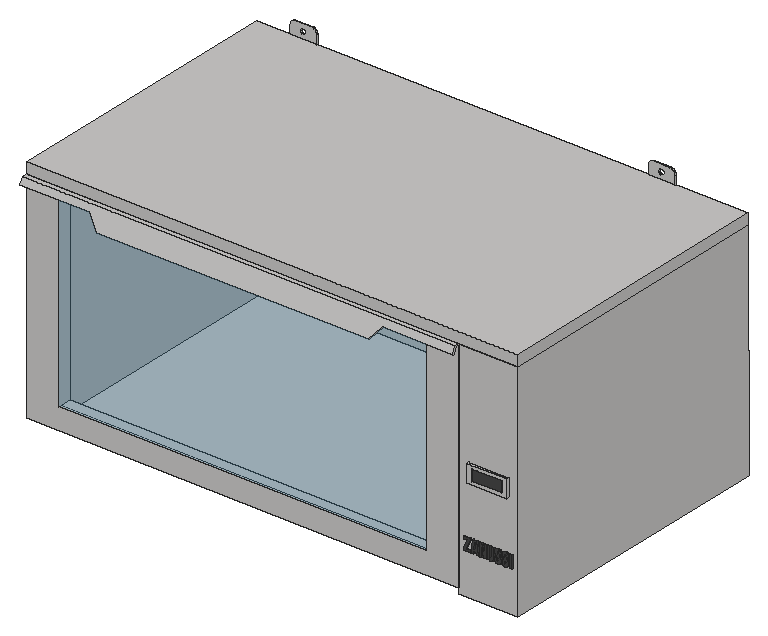
Revit family "QF_ZANUSSI_240041_ZSAFEBXDD", category Specialty Equipment, Revit 2018
Family settings
  Round Connector Dimension = Use Diameter
  Part Type = Normal
  Work Plane-Based = No
  Always vertical = Yes
  Cut with Voids When Loaded = No
  Shared = No
  Room Calculation Point = No
Parameters (values of type "Standard")
  Weight = 35.00 kg
  Watts = 0 W
  Volts = 220 V
  URL Manufacturer = "http://www.zanussiprofessional.com"
  URL = "http://www.zanussiprofessional.com"
  Steam Supply Size = 0 mm
  Steam Supply Minimum Pressure = 0.0 Pa
  Steam Supply Maximum Pressure = 0.0 Pa
  Steam Pounds per Hour = 0
  Refrigeration Suction Line Size = 0 mm
  Refrigeration Liquid Line Size = 0 mm
  Refrigerant Compressor Remote = yes
  Manufacturer = "Zanussi"
  Phase = 1
  Model = "ZSAFEBXDD"
  Length Actual = 920.0 mm  # constant formula
  Item Number = "240041"
  Hot Water Size = 0 mm
  Height Actual = 450.0 mm  # constant formula
  HP = "0.8 HP"
  Gas Size = 0 mm
  Gas KW = 0
  Gas Input Pressure = 0 W
  Direct Waste Size = 0 mm
  Description = "SAFE FOOD HOLDING DISPLAY WITH DROP-DOWN DOOR FOR FOOD PICK UP, TAKE AWAY AND DELIVERY"
  Depth Actual = 590.0 mm  # constant formula
  Cycle = 50 Hz
  Condensate Return Size = 0 mm
  Compressed Air Volume = 0.0 L/s
  Compressed Air Size = 0 mm
  Compressed Air Pressure = 0.0 Pa
  Cold Water Size = 0 mm
  Accessory = yes
Types (2, lengths in mm): name | URL | Manufacturer | Phase | Model | Description
  (no name) | 0.0 | 0.0 | 0 | 0.0 | 0.0
  Standard | "http://www.zanussiprofessional.com" | "Zanussi" | 1 | "ZSAFEBXDD" | "SAFE FOOD HOLDING DISPLAY WITH DROP-DOWN DOOR FOR FOOD PICK UP, TAKE AWAY AND DELIVERY"
Values of the unnamed type that differ from the named types
  Volts = 0 V
  URL Manufacturer = ""
  Item Number = ""
  Cycle = 0 Hz
Reference planes
  plane 1 "Center (Front/Back)": y = 0
  plane 2: z = 0
  plane 3 "Center (Left/Right)": x = 0
  plane 4 "LEFT": x = -460
  plane 5 "RIGHT": x = 460
  plane 6 "BACK": y = 270
  plane 7 "FRONT": y = -270
  plane 8 "Base": z = 11
  plane 9 "TOP": z = 451
  plane 10: x = -430
  plane 11: y = 250
  plane 12: y = -220
  plane 13: x = 360
  plane 14 "MANIGLIA": through (4267.2, -280, 431) normal (0, 0.9272, -0.3746)
  plane 15: y = -655
Forms (mm)
  Extrusion 1, solid, material "QF_Finishes_Stainless Steel"
    sketch origin (0, 0, 11) x (0, 1, 0) y (-1, 0, 0)
      loop
        line (270, 460) -> (-245, 460) -> (-245, 425) -> (250, 425) -> (250, -350) -> (-270, -350) -> (-270, -460) -> (270, -460) -> (270, 460)
    from 0 to 420
  Extrusion 2, solid, material "QF_Finishes_Stainless Steel"
    sketch origin (0, 0, 451) x (0, 1, 0) y (-1, 0, 0)
      loop
        line (270, 460) -> (-270, 460) -> (-270, -460) -> (270, -460) -> (270, 460)
    from 0 to -20
  Extrusion 3, void
    sketch origin (0, -270, 0) x (-1, 0, 0) y (0, 0, 1)
      loop
        line (140.985, 386.837) -> (-115, 386.837) -> (-115, 166) -> (140.985, 166) -> (140.985, 386.837)
    from 520 to 540
  Extrusion 4, solid, material "QF_Finishes_Stainless Steel"
    sketch origin (460, 0, 0) x (0, 1, 0) y (0, 0, 1)
      loop
        line (250, 386.837) -> (250, 166) -> (320, 166) -> (320, 386.837) -> (250, 386.837)
    from -600.985 to -345
  Extrusion 5, solid, material "QF_Finishes_Stainless Steel"
    sketch origin (0, 270, 0) x (-1, 0, 0) y (0, 0, 1)
      loop
        line (260.985, 386.837) -> (-235, 386.837) -> (-235, 76) -> (260.985, 76) -> (260.985, 386.837)
    from 0 to -60
  Extrusion 6, solid, material "QF_Finishes_Stainless Steel"
    sketch origin (0, 0, 451) x (0, 1, 0) y (-1, 0, 0)
      loop
        line (270, 425) -> (-245, 425) -> (-245, -350) -> (270, -350) -> (270, 425)
    from -430 to -440
  Extrusion 7, solid, material "QF_Finishes_Stainless Steel"
    sketch origin (0, -270, 0) x (-1, 0, 0) y (0, 0, 1)
      loop
        line (-368.864, 238.032) -> (-443.864, 238.032) -> (-443.864, 206) -> (-368.864, 206) -> (-368.864, 238.032)
      loop
        line (-378.864, 233.032) -> (-433.864, 233.032) -> (-433.864, 211) -> (-378.864, 211) -> (-378.864, 233.032)
    from 0 to -5
  Extrusion 8, solid, material "QF_Finishes_Black"
    sketch origin (0, -270, 0) x (-1, 0, 0) y (0, 0, 1)
      loop
        line (-378.864, 233.032) -> (-433.864, 233.032) -> (-433.864, 211) -> (-378.864, 211) -> (-378.864, 233.032)
    from 0 to -5
  Extrusion 9, solid, material "QF_Finishes_Stainless Steel"
    sketch origin (0, 270, 0) x (-1, 0, 0) y (0, 0, 1)
      loop
        circle (-420, 40) r 10
    from 0 to 2
  Extrusion 10, solid, material "QF_Finishes_Rubber Black"
    sketch origin (0, 0, 0) x (1, 0, 0) y (0, 1, 0)
      loop
        circle (-430, 250) r 15
      loop
        circle (360, 250) r 15
      loop
        circle (-430, -220) r 15
      loop
        circle (360, -220) r 15
    from 0 to 7
  Extrusion 11, solid, material "QF_Finishes_Stainless Steel"
    sketch origin (0, 0, 0) x (1, 0, 0) y (0, 1, 0)
      loop
        circle (-430, 250) r 12.5
      loop
        circle (360, 250) r 12.5
      loop
        circle (-430, -220) r 12.5
      loop
        circle (360, -220) r 12.5
    from 11 to 7
  Extrusion 12, solid, material "QF_Finishes_Black"
    sketch origin (0, -270, 0) x (-1, 0, 0) y (0, 0, 1)
      loop
        line (-372.774, 88.089) -> (-360, 88.089) -> (-360, 93.002) -> (-367.019, 107.741) -> (-360.562, 107.601) -> (-360.562, 112.093) -> (-372.774, 112.093) -> (-372.774, 108.022) -> (-365.406, 93.002) -> (-372.774, 93.002) -> (-372.774, 88.089)
      loop
        line (-379.825, 97.073) -> (-381.229, 107.99) -> (-382.632, 97.073) -> (-379.825, 97.073)
      loop
        line (-378.562, 88.089) -> (-373.508, 88.089) -> (-377.86, 112.093) -> (-384.598, 112.093) -> (-389.089, 88.089) -> (-384.036, 88.089) -> (-383.334, 92.721) -> (-379.263, 92.721) -> (-378.562, 88.089)
      loop
        line (-389.712, 112.093) -> (-394.905, 112.093) -> (-398.976, 96.792) -> (-398.976, 112.093) -> (-403.468, 112.093) -> (-403.468, 88.415) -> (-398.051, 88.415) -> (-394.063, 103.951) -> (-394.063, 88.089) -> (-389.712, 88.089) -> (-389.712, 112.093)
      loop
        line (-404.591, 94.026) -> (-404.591, 112.093) -> (-409.504, 112.093) -> (-409.504, 93.845)
        arc (-409.504, 93.845) -> (-411.161, 92.777) -> (-412.452, 94.266) r 1.504
        line (-412.452, 94.266) -> (-412.452, 112.093) -> (-417.365, 112.093) -> (-417.365, 93.143)
        arc (-417.365, 93.143) -> (-410.596, 88.05) -> (-404.591, 94.026) r 6.468
      loop
        line (-426.489, 104.513) -> (-426.489, 107.123)
        arc (-426.489, 107.123) -> (-424.511, 108.509) -> (-423.125, 106.531) r 1.708
        arc (-423.125, 106.531) -> (-423.515, 105.428) -> (-424.243, 104.513) r 3.541
        line (-424.243, 104.513) -> (-429.628, 99.667)
        arc (-429.628, 99.667) -> (-431.357, 96.026) -> (-431.259, 91.996) r 8.7
        arc (-431.259, 91.996) -> (-425.868, 88.095) -> (-419.469, 89.917) r 7.618
        arc (-419.469, 89.917) -> (-418.114, 93.076) -> (-418.067, 96.512) r 8.837
        line (-418.067, 96.512) -> (-422.968, 96.512)
        arc (-422.968, 96.512) -> (-422.989, 95.91) -> (-422.968, 95.308) r 8.711
        arc (-422.968, 95.308) -> (-422.946, 94.671) -> (-422.968, 94.034) r 9.221
        arc (-422.968, 94.034) -> (-423.253, 93.13) -> (-423.92, 92.455) r 2.021
        arc (-423.92, 92.455) -> (-426.133, 92.96) -> (-426.368, 95.218) r 1.95
        arc (-426.368, 95.218) -> (-425.418, 96.51) -> (-424.195, 97.548) r 6.904
        line (-424.195, 97.548) -> (-422.126, 99.383)
        arc (-422.126, 99.383) -> (-420.282, 101.31) -> (-418.78, 103.514) r 16.193
        arc (-418.78, 103.514) -> (-418.554, 107.5) -> (-420.382, 111.05) r 7.59
        arc (-420.382, 111.05) -> (-424.866, 112.512) -> (-429.349, 111.05) r 7.606
        arc (-429.349, 111.05) -> (-430.875, 109.128) -> (-431.198, 106.695) r 4.609
        line (-431.198, 106.695) -> (-431.122, 104.513) -> (-426.489, 104.513)
      loop
        line (-440.489, 104.513) -> (-440.489, 107.123)
        arc (-440.489, 107.123) -> (-438.511, 108.509) -> (-437.125, 106.531) r 1.708
        arc (-437.125, 106.531) -> (-437.515, 105.428) -> (-438.243, 104.513) r 3.541
        line (-438.243, 104.513) -> (-443.628, 99.667)
        arc (-443.628, 99.667) -> (-445.357, 96.026) -> (-445.259, 91.996) r 8.7
        arc (-445.259, 91.996) -> (-439.868, 88.095) -> (-433.469, 89.917) r 7.618
        arc (-433.469, 89.917) -> (-432.114, 93.076) -> (-432.067, 96.512) r 8.837
        line (-432.067, 96.512) -> (-436.968, 96.512)
        arc (-436.968, 96.512) -> (-436.989, 95.91) -> (-436.968, 95.308) r 8.711
        arc (-436.968, 95.308) -> (-436.946, 94.671) -> (-436.968, 94.034) r 9.221
        arc (-436.968, 94.034) -> (-437.253, 93.13) -> (-437.92, 92.455) r 2.021
        arc (-437.92, 92.455) -> (-440.133, 92.96) -> (-440.368, 95.218) r 1.95
        arc (-440.368, 95.218) -> (-439.418, 96.51) -> (-438.195, 97.548) r 6.904
        line (-438.195, 97.548) -> (-436.126, 99.383)
        arc (-436.126, 99.383) -> (-434.282, 101.31) -> (-432.78, 103.514) r 16.193
        arc (-432.78, 103.514) -> (-432.554, 107.5) -> (-434.382, 111.05) r 7.59
        arc (-434.382, 111.05) -> (-438.866, 112.512) -> (-443.349, 111.05) r 7.606
        arc (-443.349, 111.05) -> (-444.875, 109.128) -> (-445.198, 106.695) r 4.609
        line (-445.198, 106.695) -> (-445.122, 104.513) -> (-440.489, 104.513)
      loop
        line (-446.142, 112.093) -> (-451.055, 112.093) -> (-451.055, 88.089) -> (-446.142, 88.089) -> (-446.142, 112.093)
    from 0 to -1.6
  Extrusion 13, solid, material "QF_Finishes_Stainless Steel"
    sketch origin (0, 270, 0) x (-1, 0, 0) y (0, 0, 1)
      loop
        line (398.117, 431) -> (398.117, 466)
        arc (398.117, 466) -> (395.188, 473.071) -> (388.117, 476) r 10
        line (388.117, 476) -> (358.117, 476)
        arc (358.117, 476) -> (351.046, 473.071) -> (348.117, 466) r 10
        line (348.117, 466) -> (348.117, 431) -> (398.117, 431)
      loop
        circle (373.117, 463.03) r 5
      loop
        line (-323.117, 431) -> (-273.117, 431) -> (-273.117, 466)
        arc (-273.117, 466) -> (-276.046, 473.071) -> (-283.117, 476) r 10
        line (-283.117, 476) -> (-313.117, 476)
        arc (-313.117, 476) -> (-320.188, 473.071) -> (-323.117, 466) r 10
        line (-323.117, 466) -> (-323.117, 431)
      loop
        circle (-298.117, 463.03) r 5
    from 1.641 to 0
  Extrusion 14, solid, material "QF_Finishes_Stainless Steel"
    sketch origin (0, -270, 0) x (-1, 0, 0) y (0, 0, 1)
      loop
        line (460, 431) -> (-350, 431) -> (-350, 21) -> (460, 21) -> (460, 431)
      loop
        line (400, 61) -> (400, 411) -> (-290, 411) -> (-290, 61) -> (400, 61)
    from 25 to 0
  Extrusion 15, solid, material "Glass"
    sketch origin (0, -270, 0) x (-1, 0, 0) y (0, 0, 1)
      loop
        line (400, 411) -> (-290, 411) -> (-290, 61) -> (400, 61) -> (400, 411)
    from 5 to 0
  Extrusion 16, solid, material "QF_Finishes_Stainless Steel"
    sketch origin (0, 0, 0) x (0, 1, 0) y (0, 0, 1)
      loop
        line (-270, 431) -> (-280, 431) -> (-294.122, 396.047) -> (-291.382, 394.94) -> (-278.042, 427.958) -> (-270, 427.958) -> (-270, 431)
    from 350 to -460
  Extrusion 17, void
    sketch origin (0, -390.406, 157.734) x (0, 0.374607, 0.927184) y (1, 0, 0)
      loop
        line (257.028, -460) -> (281.726, -460) -> (281.726, -329.655) -> (257.028, -310) -> (257.028, -460)
      loop
        line (257.028, 350) -> (257.028, 200) -> (281.726, 219.655) -> (281.726, 350) -> (257.028, 350)
    from 2.955 to 0
  Extrusion 18, solid, material "QF_Door-Drawer Clearances", detail levels coarse
    sketch origin (0, 0, 0) x (0, 1, 0) y (0, 0, 1)
      loop
        line (-270, 60.122) -> (-655, 60.122) -> (-655, 25.122) -> (-620.047, 11) -> (-618.94, 13.74) -> (-651.958, 27.08) -> (-651.958, 35.122) -> (-270, 35.122) -> (-270, 60.122)
    from 350 to -460
  Extrusion 19, solid, material "QF_Door-Drawer Clearances", detail levels coarse
    sketch origin (0, 0, 0) x (0, 1, 0) y (0, 0, 1)
      loop
        arc (-270, 431) -> (-534.358, 320.156) -> (-655, 60.122) r 396.675
        line (-655, 60.122) -> (-270, 60.122) -> (-270, 431)
    from -460 to 350
Cuts and joins
  Extrusion 3 cuts Extrusion 1
  Extrusion 17 cuts Extrusion 16
Lines and regions (mm)
  symbolic lines
    curve 1: line (-460, 270, 0) -> (460, 270, 0)
    curve 2: line (-460, -270, 0) -> (-460, 270, 0)
    curve 3: line (460, -270, 0) -> (-460, -270, 0)
    curve 4: line (460, 270, 0) -> (460, -270, 0)
    curve 5: line (115, 320, 0) -> (-140.985, 320, 0)
    curve 6: line (-140.985, 320, 0) -> (-140.985, 270, 0)
    curve 7: line (115, 270, 0) -> (115, 320, 0)
    curve 8: line (368.864, -275, 0) -> (368.864, -270, 0)
    curve 9: line (368.864, -275, 0) -> (443.864, -275, 0)
    curve 10: line (443.864, -275, 0) -> (443.864, -270, 0)
    curve 11: line (-398.117, 270, 0) -> (-398.117, 271.641, 0)
    curve 12: line (-398.117, 271.641, 0) -> (-348.117, 271.641, 0)
    curve 13: line (-348.117, 271.641, 0) -> (-348.117, 270, 0)
    curve 14: line (273.117, 270, 0) -> (273.117, 271.641, 0)
    curve 15: line (273.117, 271.641, 0) -> (323.117, 271.641, 0)
    curve 16: line (323.117, 271.641, 0) -> (323.117, 270, 0)
    curve 17: line (410, 272, 0) -> (430, 272, 0)
    curve 18: line (430, 272, 0) -> (430, 270, 0)
    curve 19: line (410, 272, 0) -> (410, 270, 0)
    curve 20: line (350, -280, 0) -> (-460, -280, 0)
    curve 21: line (-460, -284.87, 0) -> (-329.655, -284.87, 0)
    curve 22: line (-329.655, -284.87, 0) -> (-310, -294.122, 0)
    curve 23: line (-310, -294.122, 0) -> (200, -294.122, 0)
    curve 24: line (-460, -270, 0) -> (-460, -284.87, 0)
    curve 25: line (350, -284.87, 0) -> (350, -270, 0)
    curve 26: line (219.655, -284.87, 0) -> (350, -284.87, 0)
    curve 27: line (200, -294.122, 0) -> (219.655, -284.87, 0)
  symbolic lines, style "SpecialityEquipmentHiddenLines"
    curve 28: line (-460, -284.87, 0) -> (-460, -655, 0)
    curve 29: line (-460, -655, 0) -> (350, -655, 0)
    curve 30: line (350, -655, 0) -> (350, -284.87, 0)
Dimensions and locks
  plane 4 "LEFT" to plane 5 "RIGHT" = 920.0 mm
  equal spacing: plane 4 "LEFT", plane 3 "Center (Left/Right)", plane 5 "RIGHT"
  equal spacing: plane 6 "BACK", plane 1 "Center (Front/Back)", plane 7 "FRONT"
  plane 6 "BACK" to plane 7 "FRONT" = 540.0 mm  (x2)
  plane 8 "Base" to level = 11.0 mm
  plane 9 "TOP" to level = 451.0 mm
  plane 9 "TOP" to cut or joined group of Extrusion 1, Extrusion 3 = 64.163 mm
  level to cut or joined group of Extrusion 1, Extrusion 3 = 166.0 mm
  plane 4 "LEFT" to plane 10 = 30.0 mm
  plane 13 to plane 5 "RIGHT" = 100.0 mm
  plane 6 "BACK" to plane 11 = 20.0 mm
  plane 12 to plane 7 "FRONT" = 50.0 mm
  Extrusion 4 to Extrusion 2 = 590.0 mm
  Extrusion 4 to plane 15 = 975.0 mm
  aligned and locked: level to plane 2
Automatic sketch dimensions
  Extrusion 2 sketch curve to plane 4 "LEFT" = 0.0 mm
  Extrusion 2 sketch curve to plane 7 "FRONT" = 0.0 mm
  Extrusion 2 sketch curve to plane 6 "BACK" = 0.0 mm
  Extrusion 2 sketch curve to plane 5 "RIGHT" = 0.0 mm
  plane 3 "Center (Left/Right)" to Extrusion 3 sketch curve = 115.0 mm
  Extrusion 3 sketch curve to plane 3 "Center (Left/Right)" = 140.985 mm
  plane 8 "Base" to Extrusion 3 sketch curve = 155.0 mm
  Extrusion 3 sketch curve to plane 9 "TOP" = 64.163 mm
  Extrusion 4 sketch curve to plane 11 = 0.0 mm
  plane 6 "BACK" to Extrusion 4 sketch curve = 50.0 mm
  plane 8 "Base" to Extrusion 4 sketch curve = 155.0 mm
  Extrusion 4 sketch curve to plane 9 "TOP" = 64.163 mm
  Extrusion 5 sketch curve to plane 13 = 125.0 mm
  Extrusion 5 sketch curve to plane 9 "TOP" = 64.163 mm
  plane 10 to Extrusion 5 sketch curve = 169.015 mm
  plane 8 "Base" to Extrusion 5 sketch curve = 65.0 mm
  plane 7 "FRONT" to Extrusion 6 sketch curve = 25.0 mm
  Extrusion 6 sketch curve to plane 6 "BACK" = 0.0 mm
  Extrusion 6 sketch curve to plane 13 = 10.0 mm
  plane 10 to Extrusion 6 sketch curve = 5.0 mm
  Extrusion 7 sketch curve to plane 5 "RIGHT" = 16.136 mm
  Extrusion 7 sketch curve to Extrusion 7 sketch curve = 10.0 mm
  plane 13 to Extrusion 7 sketch curve = 18.864 mm
  plane 13 to Extrusion 7 sketch curve = 8.864 mm
  plane 8 "Base" to Extrusion 7 sketch curve = 195.0 mm
  Extrusion 7 sketch curve to Extrusion 7 sketch curve = 5.0 mm  (x2)
  Extrusion 7 sketch curve to Extrusion 7 sketch curve = 22.032 mm
  Extrusion 8 sketch curve to plane 5 "RIGHT" = 26.136 mm
  plane 13 to Extrusion 8 sketch curve = 18.864 mm
  plane 8 "Base" to Extrusion 8 sketch curve = 200.0 mm
  Extrusion 8 sketch curve to Extrusion 8 sketch curve = 22.032 mm
  Extrusion 9 sketch curve to plane 5 "RIGHT" = 40.0 mm
  plane 8 "Base" to Extrusion 9 sketch curve = 29.0 mm
  Extrusion 10 sketch curve to plane 10 = 0.0 mm  (x2)
  Extrusion 10 sketch curve to plane 12 = 0.0 mm  (x2)
  Extrusion 10 sketch curve to plane 13 = 0.0 mm  (x2)
  Extrusion 10 sketch curve to plane 11 = 0.0 mm  (x2)
  Extrusion 11 sketch curve to plane 10 = 0.0 mm  (x2)
  Extrusion 11 sketch curve to plane 12 = 0.0 mm  (x2)
  Extrusion 11 sketch curve to plane 13 = 0.0 mm  (x2)
  Extrusion 11 sketch curve to plane 11 = 0.0 mm  (x2)
  plane 9 "TOP" to Extrusion 13 sketch curve = 15.0 mm  (x2)
  Extrusion 13 sketch curve to plane 13 = 36.883 mm
  Extrusion 13 sketch curve to Extrusion 13 sketch curve = 10.0 mm  (x3)
  Extrusion 13 sketch curve to Extrusion 13 sketch curve = 15.0 mm  (x4)
  Extrusion 13 sketch curve to plane 9 "TOP" = 20.0 mm  (x2)
  plane 10 to Extrusion 13 sketch curve = 81.883 mm
  plane 10 to Extrusion 13 sketch curve = 31.883 mm
  plane 9 "TOP" to Extrusion 13 sketch curve = 12.03 mm  (x2)
  Extrusion 1 sketch curve to plane 4 "LEFT" = 0.0 mm
  plane 7 "FRONT" to Extrusion 1 sketch curve = 25.0 mm
  Extrusion 1 sketch curve to plane 5 "RIGHT" = 0.0 mm
  plane 7 "FRONT" to Extrusion 1 sketch curve = 0.0 mm
  Extrusion 1 sketch curve to plane 11 = 0.0 mm
  Extrusion 1 sketch curve to plane 6 "BACK" = 0.0 mm
  Extrusion 1 sketch curve to plane 13 = 10.0 mm
  plane 10 to Extrusion 1 sketch curve = 5.0 mm
  Extrusion 14 sketch curve to plane 13 = 10.0 mm
  plane 8 "Base" to Extrusion 14 sketch curve = 10.0 mm
  Extrusion 14 sketch curve to plane 9 "TOP" = 20.0 mm
  plane 4 "LEFT" to Extrusion 14 sketch curve = 60.0 mm
  Extrusion 14 sketch curve to Extrusion 14 sketch curve = 60.0 mm
  Extrusion 14 sketch curve to Extrusion 14 sketch curve = 40.0 mm
  Extrusion 14 sketch curve to Extrusion 14 sketch curve = 20.0 mm
  Extrusion 14 sketch curve to plane 4 "LEFT" = 0.0 mm
  Extrusion 15 sketch curve to plane 13 = 70.0 mm
  plane 10 to Extrusion 15 sketch curve = 30.0 mm
  plane 8 "Base" to Extrusion 15 sketch curve = 50.0 mm
  Extrusion 15 sketch curve to plane 9 "TOP" = 40.0 mm
  Extrusion 16 sketch curve to plane 7 "FRONT" = 0.0 mm
  Extrusion 16 sketch curve to plane 7 "FRONT" = 10.0 mm
  Extrusion 16 sketch curve to plane 7 "FRONT" = 21.382 mm
  Extrusion 16 sketch curve to Extrusion 16 sketch curve = 2.74 mm
  Extrusion 16 sketch curve to plane 9 "TOP" = 56.06 mm
  Extrusion 16 sketch curve to Extrusion 16 sketch curve = 1.107 mm
  Extrusion 16 sketch curve to Extrusion 16 sketch curve = 1.958 mm
  Extrusion 17 sketch curve to Extrusion 17 sketch curve = 0.0 mm
  plane 10 to Extrusion 17 sketch curve = 100.345 mm
  Extrusion 17 sketch curve to plane 4 "LEFT" = 0.0 mm
  Extrusion 17 sketch curve to Extrusion 17 sketch curve = 24.698 mm  (x2)
  Extrusion 17 sketch curve to plane 13 = 140.345 mm
  Extrusion 17 sketch curve to Extrusion 17 sketch curve = 19.655 mm  (x2)
  Extrusion 17 sketch curve to plane 13 = 10.0 mm
  Extrusion 18 sketch curve to plane 15 = 0.0 mm
  plane 15 to Extrusion 18 sketch curve = 3.042 mm
  plane 15 to Extrusion 18 sketch curve = 34.953 mm
  level to Extrusion 18 sketch curve = 13.74 mm
  Extrusion 18 sketch curve to Extrusion 18 sketch curve = 1.107 mm
  plane 8 "Base" to Extrusion 18 sketch curve = 49.122 mm
  plane 7 "FRONT" to Extrusion 18 sketch curve = 0.0 mm
  Extrusion 18 sketch curve to Extrusion 18 sketch curve = 2.74 mm
  level to Extrusion 18 sketch curve = 35.122 mm
  Extrusion 19 sketch curve to plane 15 = 0.0 mm
  plane 7 "FRONT" to Extrusion 19 sketch curve = 10.845 mm
  plane 8 "Base" to Extrusion 19 sketch curve = 23.474 mm
  Extrusion 19 sketch curve to Extrusion 19 sketch curve = 25.648 mm
  plane 7 "FRONT" to Extrusion 19 sketch curve = 0.0 mm
  curve 1 to plane 4 "LEFT" = 0.0 mm
  curve 11 to plane 6 "BACK" = 0.0 mm
  curve 30 to plane 15 = 0.0 mm
  curve 25 to plane 7 "FRONT" = 0.0 mm
  curve 4 to plane 5 "RIGHT" = 0.0 mm
  plane 6 "BACK" to curve 12 = 1.641 mm
  plane 10 to curve 12 = 31.883 mm
  curve 11 to curve 13 = 50.0 mm
  curve 22 to plane 7 "FRONT" = 14.87 mm
  plane 10 to curve 22 = 100.345 mm
  curve 22 to plane 7 "FRONT" = 24.122 mm
  curve 21 to curve 22 = 19.655 mm
  plane 6 "BACK" to curve 5 = 50.0 mm
  curve 5 to plane 3 "Center (Left/Right)" = 140.985 mm
  plane 3 "Center (Left/Right)" to curve 7 = 115.0 mm
  curve 27 to plane 13 = 160.0 mm
  curve 23 to curve 26 = 19.655 mm
  plane 6 "BACK" to curve 14 = 1.641 mm
  curve 14 to plane 13 = 86.883 mm
  curve 16 to plane 13 = 36.883 mm
  plane 13 to curve 9 = 8.864 mm
  plane 6 "BACK" to curve 17 = 2.0 mm
  curve 17 to plane 5 "RIGHT" = 50.0 mm
  curve 17 to curve 18 = 20.0 mm
  curve 10 to plane 7 "FRONT" = 5.0 mm
  curve 10 to plane 5 "RIGHT" = 16.136 mm
  curve 26 to plane 7 "FRONT" = 14.87 mm
  curve 30 to plane 13 = 10.0 mm
  curve 21 to curve 20 = 4.87 mm
  Extrusion 12 sketch curve to plane 13 = 0.0 mm
  plane 13 to Extrusion 12 sketch curve = 0.562 mm
  Extrusion 12 sketch curve to Extrusion 12 sketch curve = 5.406 mm
  Extrusion 12 sketch curve to Extrusion 12 sketch curve = 6.457 mm
  Extrusion 12 sketch curve to Extrusion 12 sketch curve = 5.755 mm
  Extrusion 12 sketch curve to Extrusion 12 sketch curve = 7.368 mm
  Extrusion 12 sketch curve to Extrusion 12 sketch curve = 0.734 mm
  Extrusion 12 sketch curve to Extrusion 12 sketch curve = 5.086 mm
  Extrusion 12 sketch curve to Extrusion 12 sketch curve = 5.054 mm
  Extrusion 12 sketch curve to Extrusion 12 sketch curve = 0.702 mm  (x4)
  Extrusion 12 sketch curve to Extrusion 12 sketch curve = 0.561 mm
  Extrusion 12 sketch curve to Extrusion 12 sketch curve = 3.369 mm  (x3)
  Extrusion 12 sketch curve to Extrusion 12 sketch curve = 2.807 mm
  Extrusion 12 sketch curve to Extrusion 12 sketch curve = 4.071 mm  (x2)
  Extrusion 12 sketch curve to Extrusion 12 sketch curve = 5.053 mm
  Extrusion 12 sketch curve to Extrusion 12 sketch curve = 5.114 mm
  Extrusion 12 sketch curve to Extrusion 12 sketch curve = 4.352 mm  (x2)
  Extrusion 12 sketch curve to Extrusion 12 sketch curve = 5.194 mm
  Extrusion 12 sketch curve to Extrusion 12 sketch curve = 3.987 mm
  Extrusion 12 sketch curve to Extrusion 12 sketch curve = 4.492 mm  (x2)
  Extrusion 12 sketch curve to Extrusion 12 sketch curve = 1.123 mm
  Extrusion 12 sketch curve to Extrusion 12 sketch curve = 4.913 mm  (x5)
  Extrusion 12 sketch curve to Extrusion 12 sketch curve = 1.444 mm
  Extrusion 12 sketch curve to Extrusion 12 sketch curve = 0.094 mm
  Extrusion 12 sketch curve to Extrusion 12 sketch curve = 1.41 mm
  Extrusion 12 sketch curve to Extrusion 12 sketch curve = 1.825 mm
  Extrusion 12 sketch curve to Extrusion 12 sketch curve = 3.004 mm
  Extrusion 12 sketch curve to Extrusion 12 sketch curve = 4.058 mm  (x2)
  Extrusion 12 sketch curve to Extrusion 12 sketch curve = 2.478 mm  (x2)
  Extrusion 12 sketch curve to Extrusion 12 sketch curve = 0.121 mm  (x3)
  Extrusion 12 sketch curve to Extrusion 12 sketch curve = 1.228 mm  (x2)
  Extrusion 12 sketch curve to Extrusion 12 sketch curve = 2.118 mm  (x2)
  Extrusion 12 sketch curve to Extrusion 12 sketch curve = 1.578 mm  (x2)
  Extrusion 12 sketch curve to Extrusion 12 sketch curve = 0.128 mm  (x2)
  Extrusion 12 sketch curve to Extrusion 12 sketch curve = 0.564 mm  (x2)
  Extrusion 12 sketch curve to Extrusion 12 sketch curve = 0.622 mm  (x2)
  Extrusion 12 sketch curve to Extrusion 12 sketch curve = 0.31 mm  (x2)
  Extrusion 12 sketch curve to Extrusion 12 sketch curve = 1.171 mm  (x2)
  Extrusion 12 sketch curve to Extrusion 12 sketch curve = 0.512 mm  (x2)
  Extrusion 12 sketch curve to Extrusion 12 sketch curve = 0.123 mm  (x2)
  Extrusion 12 sketch curve to Extrusion 12 sketch curve = 0.02 mm  (x2)
  Extrusion 12 sketch curve to Extrusion 12 sketch curve = 1.774 mm  (x2)
  Extrusion 12 sketch curve to Extrusion 12 sketch curve = 1.52 mm
  Extrusion 12 sketch curve to Extrusion 12 sketch curve = 1.351 mm
  Extrusion 12 sketch curve to Extrusion 12 sketch curve = 4.632 mm  (x3)
  Extrusion 12 sketch curve to Extrusion 12 sketch curve = 0.076 mm  (x2)
  Extrusion 12 sketch curve to Extrusion 12 sketch curve = 3.79 mm
  Extrusion 12 sketch curve to Extrusion 12 sketch curve = 0.099 mm
  Extrusion 12 sketch curve to Extrusion 12 sketch curve = 1.668 mm
  Extrusion 12 sketch curve to Extrusion 12 sketch curve = 2.203 mm
  Extrusion 12 sketch curve to Extrusion 12 sketch curve = 2.87 mm
  Extrusion 12 sketch curve to Extrusion 12 sketch curve = 5.384 mm
  Extrusion 12 sketch curve to Extrusion 12 sketch curve = 5.408 mm
  Extrusion 12 sketch curve to Extrusion 12 sketch curve = 0.724 mm
  plane 8 "Base" to Extrusion 12 sketch curve = 77.089 mm
  Extrusion 12 sketch curve to Extrusion 12 sketch curve = 0.0 mm  (x14)
  Extrusion 12 sketch curve to Extrusion 12 sketch curve = 0.325 mm
  Extrusion 12 sketch curve to Extrusion 12 sketch curve = 3.713 mm
  Extrusion 12 sketch curve to Extrusion 12 sketch curve = 1.341 mm
  Extrusion 12 sketch curve to Extrusion 12 sketch curve = 0.181 mm
  Extrusion 12 sketch curve to Extrusion 12 sketch curve = 2.372 mm  (x2)
  Extrusion 12 sketch curve to Extrusion 12 sketch curve = 0.043 mm  (x2)
  Extrusion 12 sketch curve to Extrusion 12 sketch curve = 0.08 mm  (x2)
  Extrusion 12 sketch curve to Extrusion 12 sketch curve = 6.582 mm
  Extrusion 12 sketch curve to Extrusion 12 sketch curve = 2.869 mm
  Extrusion 12 sketch curve to Extrusion 12 sketch curve = 0.739 mm  (x2)
  Extrusion 12 sketch curve to Extrusion 12 sketch curve = 1.344 mm  (x2)
  Extrusion 12 sketch curve to Extrusion 12 sketch curve = 1.644 mm
  Extrusion 12 sketch curve to Extrusion 12 sketch curve = 0.997 mm
  Extrusion 12 sketch curve to Extrusion 12 sketch curve = 0.915 mm
  Extrusion 12 sketch curve to Extrusion 12 sketch curve = 2.767 mm
  Extrusion 12 sketch curve to Extrusion 12 sketch curve = 1.036 mm  (x2)
  Extrusion 12 sketch curve to Extrusion 12 sketch curve = 1.835 mm  (x2)
  Extrusion 12 sketch curve to Extrusion 12 sketch curve = 3.155 mm
  Extrusion 12 sketch curve to Extrusion 12 sketch curve = 4.449 mm
  Extrusion 12 sketch curve to Extrusion 12 sketch curve = 7.159 mm
  Extrusion 12 sketch curve to Extrusion 12 sketch curve = 4.846 mm  (x2)
  Extrusion 12 sketch curve to Extrusion 12 sketch curve = 0.393 mm  (x2)
  Extrusion 12 sketch curve to Extrusion 12 sketch curve = 1.409 mm  (x2)
  Extrusion 12 sketch curve to Extrusion 12 sketch curve = 2.182 mm  (x2)
  Extrusion 12 sketch curve to Extrusion 12 sketch curve = 0.905 mm  (x2)
  Extrusion 12 sketch curve to Extrusion 12 sketch curve = 1.201 mm  (x2)
  Extrusion 12 sketch curve to Extrusion 12 sketch curve = 0.022 mm  (x2)
  Extrusion 12 sketch curve to Extrusion 12 sketch curve = 0.182 mm  (x2)
  Extrusion 12 sketch curve to Extrusion 12 sketch curve = 14.599 mm
  Extrusion 12 sketch curve to Extrusion 12 sketch curve = 0.14 mm
  Extrusion 12 sketch curve to Extrusion 12 sketch curve = 10.917 mm
  Extrusion 12 sketch curve to Extrusion 12 sketch curve = 0.281 mm
  Extrusion 12 sketch curve to Extrusion 12 sketch curve = 0.45 mm  (x2)
  Extrusion 12 sketch curve to Extrusion 12 sketch curve = 5.562 mm
  Extrusion 12 sketch curve to Extrusion 12 sketch curve = 0.593 mm
  Extrusion 12 sketch curve to Extrusion 12 sketch curve = 4.345 mm
  Extrusion 12 sketch curve to Extrusion 12 sketch curve = 0.9 mm  (x2)
  Extrusion 12 sketch curve to Extrusion 12 sketch curve = 3.017 mm
  Extrusion 12 sketch curve to Extrusion 12 sketch curve = 0.952 mm  (x2)
  Extrusion 12 sketch curve to Extrusion 12 sketch curve = 1.658 mm
  Extrusion 12 sketch curve to Extrusion 12 sketch curve = 1.516 mm
  radius of Extrusion 9 sketch curve = 10.0 mm
  radius of Extrusion 10 sketch curve = 15.0 mm  (x4)
  radius of Extrusion 11 sketch curve = 12.5 mm  (x4)
  radius of Extrusion 13 sketch curve = 5.0 mm  (x2)
Connectors
  electrical at (420, 272, 40), driven by "Volts"
    settings: on Extrusion 9, index 1, voltage 220 V, apparent load 0 VA, apparent load phase1 0 VA, apparent load phase2 0 VA, apparent load phase3 0 VA, power factor 1, load classification "Other", number of poles 1, system type 30, power factor state 1, is connector primary yes, connector utility no, sub classification motor no, connector description "Electrical Connection"
